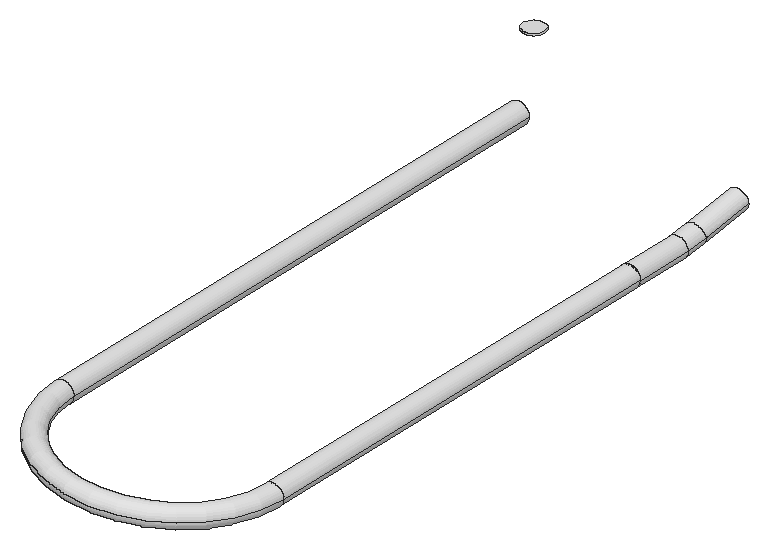
Revit family "Deca_Ducha higiênica com registro e derivação_Izy Plus_1984.24.ACT", category Plumbing Fixtures, host Face, Revit 2020
Family settings
  Host = Face
  Round Connector Dimension = Use Radius
  Part Type = Normal
  Cut with Voids When Loaded = No
  Shared = No
  Room Calculation Point = No
Parameters (values of type "1984.C24.ACT.BR_Branco")
  Vazão na Pressão mín. (L/min) = "4"
  Vazão na Pressão máx. (L/min) = "6"
  URL = "www.deca.com.br"
  Tipo de rosca de saída = ""
  Tipo de rosca de entrada = "BSP NBR 8133"
  Tipo de mecanismo utilizado = "MVC -1/4 volta"
  Tipo de dispositivo economizador = "Sim"
  Segmento = "Banheiro Médio (D42)"
  Saída de Esgoto = ""
  Raio Água Fria Saída = 0.0075 m  # constant formula
  Raio Água Fria = 0.0075 m  # constant formula
  Pressão mín. funcionamento = "2"
  Pressão mín. Aquec. Passagem = ""
  Pressão mín. Aquec. Acúmulo = ""
  Pressão máx. funcionamento = "40"
  Peso Líquido (Kg) = 0.684
  Norma = "NBR14877"
  Model = "1984.C24.ACT.BR"
  Material Secundário = Deca_Branco
  Material = Deca_Cromado
  Manufacturer = "DECA"
  Linha = "Izy Plus"
  Itens de Instalação = ""
  Informações Complementares = ""
  Default Elevation = 0.70 m
  Diâmetro Água Fria Saída = 2 * Raio Água Fria Saída  # 0.015 m
  Diâmetro Água Fria = 2 * Raio Água Fria  # 0.015 m
  Código Pai = "1984.24.ACT"
  Criado por = "quattroD"
  Cores Componente = ""
  Cor Secundária = "Branco"
  Cor Principal = "Cromado"
  Cor Interna = ""
  Consumo = "Otimização do jato de água"
  Composição Componente = ""
  Composição Básica = "Liga cobre (bronze e latão);Aço;Plástico de Engenharia;Elastômeros"
  Composição Assento = ""
  Composição Anel Vedação = ""
  Categoria = "Metais para banheiro"
  Atendimento ao Cliente = "0800-0117073"
  Aprovado por = "quattroD"
  Acompanha o Produto = ""
Reference planes (m)
  plane 1 "Center (Front/Back)": y = 0
  plane 2: z = 0
  plane 3 "Center (Left/Right)": x = 0
Forms (m)
  Sweep 1, solid, material "Deca_Cromado" <- "Material"
    path origin (-0.000012, -0.693563, 0.050428) x (0, -1, 0) y (0.996195, 0, -0.087156)
      loop
        line (-0.675563, 0.000001) -> (-0.134541, 0.000001)
        arc (-0.134541, 0.000001) -> (-0.034362, 0.10018) -> (-0.134541, 0.20036) r 0.100179
        line (-0.134541, 0.20036) -> (-0.558206, 0.20036)
    profile origin (-0.00001, -0.288511, 0.050428) x (0.996195, 0, -0.087156) y (0.087156, 0, 0.996195)
      loop
        circle (0, 0) r 0.01
  Sweep 2, solid, material "Deca_Cromado" <- "Material"
    path origin (0.303261, 0.091519, 1.215501) x (0, 1, 0) y (0.087156, 0, 0.996195)
      loop
        line (-0.227488, -1.187053) -> (-0.170394, -1.187053)
        arc (-0.170394, -1.187053) -> (-0.159761, -1.186496) -> (-0.149244, -1.18483) r 0.101728
        arc (-0.149244, -1.18483) -> (-0.124484, -1.180241) -> (-0.099519, -1.176955) r 0.480979
    profile origin (0.199802, -0.107422, 0.032965) x (0.087156, 0, 0.996195) y (0.996195, 0, -0.087156)
      loop
        spline (-0.000077, -0.010216) -> (0.002481, -0.009876) -> (0.004864, -0.008877) -> (0.00691, -0.007287) -> (0.008481, -0.005216) -> (0.009468, -0.002805) -> (0.009804, -0.000216) -> (0.009468, 0.002372) -> (0.008481, 0.004784) -> (0.00691, 0.006855) -> (0.004864, 0.008444) -> (0.002481, 0.009443) -> (-0.000077, 0.009784)
        spline (-0.000077, 0.009784) -> (-0.002634, 0.009443) -> (-0.005017, 0.008444) -> (-0.007064, 0.006855) -> (-0.008634, 0.004784) -> (-0.009621, 0.002372) -> (-0.009958, -0.000216) -> (-0.009621, -0.002805) -> (-0.008634, -0.005216) -> (-0.007064, -0.007287) -> (-0.005017, -0.008877) -> (-0.002634, -0.009876) -> (-0.000077, -0.010216)
  Extrusion 3, solid, material "Deca_Cromado" <- "Material"
    sketch origin (0, 0, 0.11564) x (0, -1, 0) y (1, 0, 0)
      loop
        circle (0.000042, 0.000003) r 0.010279
    from -0.001486 to 0
Lines and regions (m)
  Masking region 1
    outline origin (-1.329761, -0.906596, 0.027128) x (0, -1, 0) y (1, 0, 0)
      loop
        line (-0.866852, 1.322756) -> (-0.346268, 1.322756)
        arc (-0.346268, 1.322756) -> (-0.239282, 1.429742) -> (-0.346268, 1.536728) r 0.106986
        line (-0.346268, 1.536728) -> (-0.89859, 1.53673) -> (-0.89859, 1.546735) -> (-0.921226, 1.546735)
        arc (-0.921226, 1.546735) -> (-0.921808, 1.546548) -> (-0.922173, 1.546057) r 0.001
        arc (-0.922173, 1.546057) -> (-0.922781, 1.544144) -> (-0.923312, 1.542208) r 0.050752
        arc (-0.923312, 1.542208) -> (-0.92368, 1.542795) -> (-0.92422, 1.543229) r 0.002071
        line (-0.92422, 1.543229) -> (-0.958041, 1.541582) -> (-0.986034, 1.538272)
        arc (-0.986034, 1.538272) -> (-0.98829, 1.54047) -> (-0.991041, 1.542003) r 0.011964
        arc (-0.991041, 1.542003) -> (-0.992856, 1.54253) -> (-0.994738, 1.542707) r 0.010056
        line (-0.994738, 1.542707) -> (-1.007203, 1.542707)
        arc (-1.007203, 1.542707) -> (-1.01292, 1.541124) -> (-1.017477, 1.537324) r 0.014066
        arc (-1.017477, 1.537324) -> (-1.019818, 1.52983) -> (-1.017585, 1.522302) r 0.013479
        arc (-1.017585, 1.522302) -> (-1.012638, 1.518218) -> (-1.006392, 1.516755) r 0.014066
        line (-1.006392, 1.516755) -> (-0.994467, 1.516755)
        arc (-0.994467, 1.516755) -> (-0.992724, 1.516955) -> (-0.991041, 1.517455) r 0.010056
        arc (-0.991041, 1.517455) -> (-0.98829, 1.518989) -> (-0.986034, 1.521186) r 0.011964
        line (-0.986034, 1.521186) -> (-0.958041, 1.517877) -> (-0.924188, 1.516228)
        arc (-0.924188, 1.516228) -> (-0.923664, 1.516661) -> (-0.923308, 1.51724) r 0.002071
        arc (-0.923308, 1.51724) -> (-0.922778, 1.515313) -> (-0.922173, 1.513408) r 0.050752
        arc (-0.922173, 1.513408) -> (-0.921808, 1.512916) -> (-0.921226, 1.512729) r 0.001
        line (-0.921226, 1.512729) -> (-0.89859, 1.512729) -> (-0.89859, 1.522728) -> (-0.346268, 1.522728)
        arc (-0.346268, 1.522728) -> (-0.253293, 1.429753) -> (-0.346268, 1.336778) r 0.092975
        line (-0.346268, 1.336778) -> (-0.866884, 1.336778) -> (-0.867595, 1.337276) -> (-0.876496, 1.337276) -> (-0.876496, 1.322236) -> (-0.867595, 1.322236) -> (-0.866852, 1.322756)
  Masking region 2
    outline origin (-2.018205, -1.240865, 0) x (1, 0, 0) y (0, 1, 0)
      loop
        arc (2.007205, 1.268776) -> (1.993406, 1.257747) -> (1.988205, 1.240865) r 0.03
        arc (1.988205, 1.240865) -> (1.993139, 1.224382) -> (2.006319, 1.21332) r 0.03
        line (2.006319, 1.21332) -> (2.006296, 1.211765)
        arc (2.006296, 1.211765) -> (2.006589, 1.211058) -> (2.007296, 1.210765) r 0.001
        line (2.007296, 1.210765) -> (2.01068, 1.210765) -> (2.01068, 1.201864) -> (2.0112, 1.201121) -> (2.0112, 0.680537)
        arc (2.0112, 0.680537) -> (2.118186, 0.573551) -> (2.225173, 0.680537) r 0.106986
        line (2.225173, 0.680537) -> (2.225175, 1.232859) -> (2.23518, 1.232859) -> (2.23518, 1.255495)
        arc (2.23518, 1.255495) -> (2.234993, 1.256078) -> (2.234501, 1.256442) r 0.001
        arc (2.234501, 1.256442) -> (2.232588, 1.25705) -> (2.230653, 1.257582) r 0.050752
        arc (2.230653, 1.257582) -> (2.23124, 1.257949) -> (2.231673, 1.258489) r 0.002071
        line (2.231673, 1.258489) -> (2.230026, 1.29231) -> (2.226717, 1.320304)
        arc (2.226717, 1.320304) -> (2.228915, 1.32256) -> (2.230448, 1.325311) r 0.011964
        arc (2.230448, 1.325311) -> (2.230974, 1.327126) -> (2.231152, 1.329007) r 0.010056
        line (2.231152, 1.329007) -> (2.231152, 1.341472)
        arc (2.231152, 1.341472) -> (2.229569, 1.34719) -> (2.225769, 1.351746) r 0.014066
        arc (2.225769, 1.351746) -> (2.218177, 1.354088) -> (2.210585, 1.351746) r 0.013479
        arc (2.210585, 1.351746) -> (2.206598, 1.346819) -> (2.205179, 1.340641) r 0.014066
        line (2.205179, 1.340641) -> (2.205196, 1.329007)
        arc (2.205196, 1.329007) -> (2.205374, 1.327126) -> (2.2059, 1.325311) r 0.010056
        arc (2.2059, 1.325311) -> (2.207433, 1.32256) -> (2.209631, 1.320304) r 0.011964
        line (2.209631, 1.320304) -> (2.206321, 1.29231) -> (2.204673, 1.258457)
        arc (2.204673, 1.258457) -> (2.205106, 1.257933) -> (2.205685, 1.257578) r 0.002071
        arc (2.205685, 1.257578) -> (2.203757, 1.257048) -> (2.201852, 1.256442) r 0.050752
        arc (2.201852, 1.256442) -> (2.201361, 1.256078) -> (2.201174, 1.255495) r 0.001
        line (2.201174, 1.255495) -> (2.201174, 1.232859) -> (2.211173, 1.232859) -> (2.211173, 0.680537)
        arc (2.211173, 0.680537) -> (2.118198, 0.587563) -> (2.025223, 0.680537) r 0.092975
        line (2.025223, 0.680537) -> (2.025223, 1.201154) -> (2.02572, 1.201864) -> (2.02572, 1.210765) -> (2.029117, 1.210765)
        arc (2.029117, 1.210765) -> (2.029824, 1.211058) -> (2.030117, 1.211765) r 0.001
        line (2.030117, 1.211765) -> (2.030117, 1.213331)
        arc (2.030117, 1.213331) -> (2.048201, 1.241358) -> (2.029205, 1.268776) r 0.03
        line (2.029205, 1.268776) -> (2.029205, 1.271765) -> (2.024455, 1.271765) -> (2.024455, 1.289515)
        arc (2.024455, 1.289515) -> (2.024016, 1.290576) -> (2.022955, 1.291015) r 0.0015
        line (2.022955, 1.291015) -> (2.013455, 1.291015)
        arc (2.013455, 1.291015) -> (2.012395, 1.290576) -> (2.011955, 1.289515) r 0.0015
        line (2.011955, 1.289515) -> (2.011955, 1.271765) -> (2.007205, 1.271765) -> (2.007205, 1.268776)
  Masking region 3
    outline origin (1.490612, 0, -0.988868) x (-1, 0, 0) y (0, 0, 1)
      loop
        arc (1.496862, 1.138508) -> (1.490612, 1.144758) -> (1.484362, 1.138508) r 0.00625
        line (1.484362, 1.138508) -> (1.484362, 1.104508) -> (1.481862, 1.104508)
        arc (1.481862, 1.104508) -> (1.480802, 1.104068) -> (1.480362, 1.103008) r 0.0015
        line (1.480362, 1.103008) -> (1.480362, 1.091518)
        arc (1.480362, 1.091518) -> (1.479923, 1.090457) -> (1.478862, 1.090018) r 0.0015
        line (1.478862, 1.090018) -> (1.474156, 1.090018)
        arc (1.474156, 1.090018) -> (1.473459, 1.089723) -> (1.473186, 1.089018) r 0.00097
        line (1.473186, 1.089018) -> (1.473186, 1.081018)
        arc (1.473186, 1.081018) -> (1.47351, 1.080277) -> (1.474272, 1.080009) r 0.001011
        arc (1.474272, 1.080009) -> (1.475432, 1.079632) -> (1.475927, 1.078518) r 0.0015
        line (1.475927, 1.078518) -> (1.475927, 1.048093)
        arc (1.475927, 1.048093) -> (1.391798, 1.040423) -> (1.307639, 1.033094) r 20.819803
        arc (1.307639, 1.033094) -> (1.30666, 1.038629) -> (1.303842, 1.043492) r 0.016139
        line (1.303842, 1.043492) -> (1.303639, 1.04448) -> (1.303441, 1.045438) -> (1.302855, 1.046368) -> (1.301897, 1.04724) -> (1.300598, 1.048028) -> (1.298639, 1.04886) -> (1.298639, 1.06848)
        arc (1.298639, 1.06848) -> (1.297955, 1.070938) -> (1.295639, 1.072009) r 0.00304
        line (1.295639, 1.072009) -> (1.285639, 1.072009)
        arc (1.285639, 1.072009) -> (1.28367, 1.071285) -> (1.282639, 1.069458) r 0.00304
        line (1.282639, 1.069458) -> (1.282639, 1.048808) -> (1.281442, 1.048381) -> (1.279986, 1.047644) -> (1.278854, 1.04681) -> (1.27808, 1.045906) -> (1.277639, 1.04484) -> (1.277418, 1.043409)
        arc (1.277418, 1.043409) -> (1.274613, 1.038587) -> (1.273639, 1.033094) r 0.015966
        line (1.273639, 1.033094) -> (1.273639, 0.988868) -> (1.307639, 0.988868) -> (1.307639, 1.013188)
        arc (1.307639, 1.013188) -> (1.3918, 1.020351) -> (1.475927, 1.02791) r 17.944347
        line (1.475927, 1.02791) -> (1.475927, 1.003018)
        arc (1.475927, 1.003018) -> (1.474658, 1.001767) -> (1.474321, 1.000018) r 0.003
        line (1.474321, 1.000018) -> (1.473314, 0.99901) -> (1.461358, 0.992108)
        arc (1.461358, 0.992108) -> (1.460815, 0.991628) -> (1.460612, 0.990932) r 0.0013
        line (1.460612, 0.990932) -> (1.460612, 0.988868) -> (1.520612, 0.988868) -> (1.520612, 0.990932)
        arc (1.520612, 0.990932) -> (1.52041, 0.991628) -> (1.519867, 0.992108) r 0.0013
        line (1.519867, 0.992108) -> (1.507911, 0.99901) -> (1.506904, 1.000018)
        arc (1.506904, 1.000018) -> (1.506567, 1.001767) -> (1.505297, 1.003018) r 0.003
        line (1.505297, 1.003018) -> (1.505297, 1.078518)
        arc (1.505297, 1.078518) -> (1.505789, 1.079632) -> (1.506943, 1.080022) r 0.001511
        arc (1.506943, 1.080022) -> (1.507711, 1.080277) -> (1.508039, 1.081018) r 0.001
        line (1.508039, 1.081018) -> (1.508039, 1.089018)
        arc (1.508039, 1.089018) -> (1.507766, 1.089723) -> (1.507069, 1.090018) r 0.00097
        line (1.507069, 1.090018) -> (1.502362, 1.090018)
        arc (1.502362, 1.090018) -> (1.501302, 1.090457) -> (1.500862, 1.091518) r 0.0015
        line (1.500862, 1.091518) -> (1.500862, 1.103008)
        arc (1.500862, 1.103008) -> (1.500423, 1.104068) -> (1.499362, 1.104508) r 0.0015
        line (1.499362, 1.104508) -> (1.496862, 1.104508) -> (1.496862, 1.138508)
  Masking region 4
    outline origin (0, 0.889898, -0.931399) x (0, 1, 0) y (0, 0, 1)
      loop
        line (-0.896148, 1.047039) -> (-0.898648, 1.047039)
        arc (-0.898648, 1.047039) -> (-0.899708, 1.046599) -> (-0.900148, 1.045539) r 0.0015
        line (-0.900148, 1.045539) -> (-0.900148, 1.034049)
        arc (-0.900148, 1.034049) -> (-0.900587, 1.032988) -> (-0.901648, 1.032549) r 0.0015
        line (-0.901648, 1.032549) -> (-0.904478, 1.032549)
        arc (-0.904478, 1.032549) -> (-0.905185, 1.032256) -> (-0.905478, 1.031549) r 0.001
        line (-0.905478, 1.031549) -> (-0.905478, 1.023549)
        arc (-0.905478, 1.023549) -> (-0.905338, 1.022879) -> (-0.904942, 1.02232) r 0.001674
        arc (-0.904942, 1.02232) -> (-0.904675, 1.021872) -> (-0.904583, 1.021359) r 0.001467
        line (-0.904583, 1.021359) -> (-0.904583, 0.99912)
        arc (-0.904583, 0.99912) -> (-0.905511, 0.996302) -> (-0.907898, 0.994539) r 0.00489
        line (-0.907898, 0.994539) -> (-0.907898, 0.992354) -> (-0.909998, 0.991217) -> (-0.909998, 0.992024)
        arc (-0.909998, 0.992024) -> (-0.910295, 0.992741) -> (-0.911013, 0.993039) r 0.001015
        line (-0.911013, 0.993039) -> (-0.918982, 0.993039)
        arc (-0.918982, 0.993039) -> (-0.9197, 0.992741) -> (-0.919998, 0.992024) r 0.001015
        line (-0.919998, 0.992024) -> (-0.919998, 0.988899) -> (-1.459134, 0.988899)
        arc (-1.459134, 0.988899) -> (-1.494779, 0.987965) -> (-1.530326, 0.985168) r 0.681084
        arc (-1.530326, 0.985168) -> (-1.543124, 0.982447) -> (-1.555077, 0.977126) r 0.062585
        arc (-1.555077, 0.977126) -> (-1.55856, 0.969657) -> (-1.552733, 0.963829) r 0.007184
        arc (-1.552733, 0.963829) -> (-1.527922, 0.960342) -> (-1.502929, 0.958595) r 0.35895
        line (-1.502929, 0.958595) -> (-0.967929, 0.958595) -> (-0.904798, 0.966346)
        arc (-0.904798, 0.966346) -> (-0.90464, 0.96566) -> (-0.904583, 0.964958) r 0.00489
        line (-0.904583, 0.964958) -> (-0.904583, 0.945549)
        arc (-0.904583, 0.945549) -> (-0.905851, 0.944296) -> (-0.906208, 0.942549) r 0.003066
        line (-0.906208, 0.942549) -> (-0.906208, 0.941639) -> (-0.907028, 0.941639) -> (-0.919152, 0.934639)
        arc (-0.919152, 0.934639) -> (-0.919695, 0.934159) -> (-0.919898, 0.933463) r 0.0013
        line (-0.919898, 0.933463) -> (-0.919898, 0.931399) -> (-0.859898, 0.931399) -> (-0.859898, 0.933463)
        arc (-0.859898, 0.933463) -> (-0.8601, 0.934159) -> (-0.860643, 0.934639) r 0.0013
        line (-0.860643, 0.934639) -> (-0.871618, 0.940975) -> (-0.871618, 0.966036) -> (-0.83643, 0.973995) -> (-0.813105, 0.980966) -> (-0.802183, 0.95768) -> (-0.8006, 0.956766) -> (-0.801706, 0.956247) -> (-0.798784, 0.952094) -> (-0.776522, 0.962536) -> (-0.777847, 0.967437) -> (-0.778963, 0.966913) -> (-0.778644, 0.96872) -> (-0.785772, 0.983919)
        arc (-0.785772, 0.983919) -> (-0.78579, 0.984302) -> (-0.785532, 0.984585) r 0.0005
        line (-0.785532, 0.984585) -> (-0.782912, 0.985811)
        arc (-0.782912, 0.985811) -> (-0.782654, 0.986093) -> (-0.782672, 0.986475) r 0.0005
        line (-0.782672, 0.986475) -> (-0.786025, 0.993639)
        arc (-0.786025, 0.993639) -> (-0.786322, 0.993971) -> (-0.786767, 0.993939) r 0.000506
        line (-0.786767, 0.993939) -> (-0.789348, 0.992735)
        arc (-0.789348, 0.992735) -> (-0.79251, 1.000222) -> (-0.797123, 1.006912) r 0.0399
        arc (-0.797123, 1.006912) -> (-0.797884, 1.007551) -> (-0.798811, 1.007907) r 0.003
        arc (-0.798811, 1.007907) -> (-0.803417, 1.008811) -> (-0.808034, 1.009662) r 0.400338
        arc (-0.808034, 1.009662) -> (-0.8268, 1.012548) -> (-0.845682, 1.01454) r 0.4
        line (-0.845682, 1.01454) -> (-0.846331, 1.012314)
        arc (-0.846331, 1.012314) -> (-0.846201, 1.011158) -> (-0.845282, 1.010443) r 0.0015
        line (-0.845282, 1.010443) -> (-0.843039, 1.009823)
        arc (-0.843039, 1.009823) -> (-0.832599, 1.006751) -> (-0.822247, 1.003396) r 0.4
        arc (-0.822247, 1.003396) -> (-0.817828, 1.001494) -> (-0.813766, 0.998917) r 0.03032
        line (-0.813766, 0.998917) -> (-0.840547, 0.997344) -> (-0.871898, 0.993353) -> (-0.871898, 0.994539)
        arc (-0.871898, 0.994539) -> (-0.874284, 0.996302) -> (-0.875213, 0.99912) r 0.00489
        line (-0.875213, 0.99912) -> (-0.875213, 1.021359)
        arc (-0.875213, 1.021359) -> (-0.87512, 1.021872) -> (-0.874853, 1.02232) r 0.001467
        arc (-0.874853, 1.02232) -> (-0.874457, 1.022879) -> (-0.874317, 1.023549) r 0.001674
        line (-0.874317, 1.023549) -> (-0.874318, 1.031507)
        arc (-0.874318, 1.031507) -> (-0.874595, 1.032241) -> (-0.875317, 1.032549) r 0.001
        line (-0.875317, 1.032549) -> (-0.878148, 1.032549)
        arc (-0.878148, 1.032549) -> (-0.879208, 1.032988) -> (-0.879648, 1.034049) r 0.0015
        line (-0.879648, 1.034049) -> (-0.879648, 1.045539)
        arc (-0.879648, 1.045539) -> (-0.880087, 1.046599) -> (-0.881148, 1.047039) r 0.0015
        line (-0.881148, 1.047039) -> (-0.883648, 1.047039) -> (-0.883648, 1.071789)
        arc (-0.883648, 1.071789) -> (-0.882769, 1.07391) -> (-0.880648, 1.074789) r 0.003
        line (-0.880648, 1.074789) -> (-0.841248, 1.074789)
        arc (-0.841248, 1.074789) -> (-0.840187, 1.075228) -> (-0.839748, 1.076289) r 0.0015
        line (-0.839748, 1.076289) -> (-0.839748, 1.085789)
        arc (-0.839748, 1.085789) -> (-0.840187, 1.086849) -> (-0.841248, 1.087289) r 0.0015
        line (-0.841248, 1.087289) -> (-0.893148, 1.087289)
        arc (-0.893148, 1.087289) -> (-0.895269, 1.08641) -> (-0.896148, 1.084289) r 0.003
        line (-0.896148, 1.084289) -> (-0.896148, 1.047039)
  symbolic lines
    curve 1: line (0.213468, 0.017624, 0.027128) -> (0.211821, 0.051445, 0.027128)
    curve 2: line (0.188116, 0.051445, 0.027128) -> (0.186468, 0.017592, 0.027128)
    curve 3: line (0.191969, 0.084029, 0.027128) -> (0.188116, 0.051445, 0.027128)
    curve 4: line (0.211821, 0.051445, 0.027128) -> (0.207969, 0.084029, 0.027128)
    curve 5: line (0.207969, 0.081332, 0.027128) -> (0.207969, 0.047257, 0.027128)
    curve 6: line (0.207969, 0.047257, 0.027128) -> (0.207891, 0.045486, 0.027128)
    curve 7: line (0.207891, 0.045486, 0.027128) -> (0.207792, 0.044609, 0.027128)
    curve 8: line (0.207792, 0.044609, 0.027128) -> (0.207649, 0.043737, 0.027128)
    curve 9: line (0.191969, 0.046236, 0.027128) -> (0.191969, 0.081332, 0.027128)
    curve 10: line (0.194969, 0.081858, 0.027128) -> (0.194969, 0.043939, 0.027128)
    curve 11: line (0.204969, 0.04394, 0.027128) -> (0.204969, 0.081858, 0.027128)
    curve 12: line (0.193025, 0.087281, 0.027128) -> (0.192678, 0.086312, 0.027128)
    curve 13: line (0.192678, 0.086312, 0.027128) -> (0.192405, 0.085317, 0.027128)
    curve 14: line (0.192405, 0.085317, 0.027128) -> (0.192203, 0.084306, 0.027128)
    curve 15: line (0.192203, 0.084306, 0.027128) -> (0.192025, 0.082824, 0.027128)
    curve 16: line (0.191969, 0.082824, 0.027128) -> (0.191969, 0.093206, 0.027128)
    curve 17: line (0.207969, 0.093206, 0.027128) -> (0.207969, 0.081332, 0.027128)
    curve 18: line (0.207969, 0.081332, 0.027128) -> (0.207969, 0.046071, 0.027128)
    curve 19: line (0.207969, 0.047257, 0.027128) -> (0.207891, 0.045486, 0.027128)
    curve 20: line (0.207891, 0.045486, 0.027128) -> (0.207792, 0.044609, 0.027128)
    curve 21: line (0.207792, 0.044609, 0.027128) -> (0.207649, 0.043737, 0.027128)
    curve 22: arc (0.207969, 0.093206, 0.027128) -> (0.205454, 0.098495, 0.027128) -> (0.199969, 0.100543, 0.027128) r 0.007801
    curve 23: arc (0.191969, 0.093206, 0.027128) -> (0.194483, 0.098495, 0.027128) -> (0.199969, 0.100543, 0.027128) r 0.007801
    curve 24: line (0.199969, 0.100543, 0.027128) -> (0.199969, 0.09108, 0.027128)
    curve 25: arc (0.199969, 0.092769, 0.027128) -> (0.198339, 0.09257, 0.027128) -> (0.196829, 0.091927, 0.027128) r 0.005871
    curve 26: arc (0.196829, 0.091927, 0.027128) -> (0.194525, 0.089933, 0.027128) -> (0.193025, 0.087281, 0.027128) r 0.008943
    curve 27: arc (0.199969, 0.092769, 0.027128) -> (0.201598, 0.09257, 0.027128) -> (0.203109, 0.091927, 0.027128) r 0.005871
    curve 28: arc (0.203109, 0.091927, 0.027128) -> (0.205412, 0.089933, 0.027128) -> (0.206913, 0.087281, 0.027128) r 0.008943
    curve 29: line (0.206913, 0.087281, 0.027128) -> (0.20726, 0.086312, 0.027128)
    curve 30: line (0.20726, 0.086312, 0.027128) -> (0.207532, 0.085317, 0.027128)
    curve 31: line (0.207532, 0.085317, 0.027128) -> (0.207734, 0.084306, 0.027128)
    curve 32: line (0.207734, 0.084306, 0.027128) -> (0.207913, 0.082824, 0.027128)
    curve 33: arc (0.199969, 0.09108, 0.027128) -> (0.198519, 0.090735, 0.027128) -> (0.197322, 0.089846, 0.027128) r 0.003706
    curve 34: arc (0.197322, 0.089846, 0.027128) -> (0.196138, 0.088116, 0.027128) -> (0.195434, 0.08614, 0.027128) r 0.008141
    curve 35: arc (0.195434, 0.08614, 0.027128) -> (0.195085, 0.084012, 0.027128) -> (0.194969, 0.081858, 0.027128) r 0.01994
    curve 36: arc (0.199969, 0.09108, 0.027128) -> (0.201419, 0.090735, 0.027128) -> (0.202615, 0.089846, 0.027128) r 0.003706
    curve 37: arc (0.202615, 0.089846, 0.027128) -> (0.2038, 0.088116, 0.027128) -> (0.204503, 0.08614, 0.027128) r 0.008141
    curve 38: arc (0.204503, 0.08614, 0.027128) -> (0.204852, 0.084012, 0.027128) -> (0.204969, 0.081858, 0.027128) r 0.01994
    curve 39: arc (0.194969, 0.081858, 0.027128) -> (0.19344, 0.08176, 0.027128) -> (0.191969, 0.081332, 0.027128) r 0.006996
    curve 40: arc (0.204969, 0.081858, 0.027128) -> (0.206498, 0.08176, 0.027128) -> (0.207969, 0.081332, 0.027128) r 0.006996
    curve 41: arc (0.19577, 0.099451, 0.027128) -> (0.192308, 0.097832, 0.027128) -> (0.18951, 0.095229, 0.027128) r 0.01231
    curve 42: arc (0.18951, 0.095229, 0.027128) -> (0.187918, 0.092534, 0.027128) -> (0.187085, 0.089517, 0.027128) r 0.011879
    curve 43: arc (0.187085, 0.089517, 0.027128) -> (0.187063, 0.086942, 0.027128) -> (0.187695, 0.084445, 0.027128) r 0.010056
    curve 44: arc (0.187695, 0.084445, 0.027128) -> (0.189228, 0.081694, 0.027128) -> (0.191426, 0.079439, 0.027128) r 0.011964
    curve 45: arc (0.204168, 0.099451, 0.027128) -> (0.207629, 0.097832, 0.027128) -> (0.210428, 0.095229, 0.027128) r 0.01231
    curve 46: arc (0.210428, 0.095229, 0.027128) -> (0.212019, 0.092534, 0.027128) -> (0.212852, 0.089517, 0.027128) r 0.011879
    curve 47: arc (0.212852, 0.089517, 0.027128) -> (0.212875, 0.086942, 0.027128) -> (0.212243, 0.084445, 0.027128) r 0.010056
    curve 48: arc (0.212243, 0.084445, 0.027128) -> (0.210709, 0.081694, 0.027128) -> (0.208512, 0.079439, 0.027128) r 0.011964
    curve 49: arc (0.199969, 0.111248, 0.027128) -> (0.195653, 0.110526, 0.027128) -> (0.191737, 0.108573, 0.027128) r 0.014792
    curve 50: arc (0.191737, 0.108573, 0.027128) -> (0.188322, 0.104746, 0.027128) -> (0.186974, 0.099797, 0.027128) r 0.011191
    curve 51: arc (0.199969, 0.111248, 0.027128) -> (0.204285, 0.110526, 0.027128) -> (0.2082, 0.108573, 0.027128) r 0.014792
    curve 52: arc (0.2082, 0.108573, 0.027128) -> (0.211532, 0.104897, 0.027128) -> (0.212947, 0.100142, 0.027128) r 0.011191
    curve 53: arc (0.192969, 0.006249, 0.027128) -> (0.199972, 0.005827, 0.027128) -> (0.206975, 0.00625, 0.027128) r 0.05825
    curve 54: arc (0.192969, 0.004565, 0.027128) -> (0.199972, 0.004127, 0.027128) -> (0.206975, 0.004565, 0.027128) r 0.056151
    curve 55: line (0.192969, 0.013754, 0.027128) -> (0.192969, -0.008006, 0.027128)
    curve 56: line (0.192969, -0.008006, 0.027128) -> (0.182969, -0.008006, 0.027128)
    curve 57: line (0.182969, -0.008006, 0.027128) -> (0.182969, 0.01463, 0.027128)
    curve 58: arc (0.192969, 0.013754, 0.027128) -> (0.192725, 0.014408, 0.027128) -> (0.192113, 0.014744, 0.027128) r 0.001
    curve 59: arc (0.187482, 0.016713, 0.027128) -> (0.185553, 0.016183, 0.027128) -> (0.183647, 0.015577, 0.027128) r 0.050752
    curve 60: arc (0.182969, 0.01463, 0.027128) -> (0.183156, 0.015213, 0.027128) -> (0.183647, 0.015577, 0.027128) r 0.001
    curve 61: arc (0.192113, 0.014744, 0.027128) -> (0.190188, 0.015123, 0.027128) -> (0.18831, 0.015692, 0.027128) r 0.019731
    curve 62: arc (0.18831, 0.015692, 0.027128) -> (0.187792, 0.016118, 0.027128) -> (0.187482, 0.016713, 0.027128) r 0.001681
    curve 63: line (0.206975, 0.013754, 0.027128) -> (0.206975, -0.008006, 0.027128)
    curve 64: line (0.206975, -0.008006, 0.027128) -> (0.216975, -0.008006, 0.027128)
    curve 65: line (0.216975, -0.008006, 0.027128) -> (0.216975, 0.01463, 0.027128)
    curve 66: arc (0.206975, 0.013754, 0.027128) -> (0.207218, 0.014408, 0.027128) -> (0.20783, 0.014744, 0.027128) r 0.001
    curve 67: arc (0.212461, 0.016713, 0.027128) -> (0.21439, 0.016183, 0.027128) -> (0.216296, 0.015577, 0.027128) r 0.050752
    curve 68: arc (0.216975, 0.01463, 0.027128) -> (0.216788, 0.015213, 0.027128) -> (0.216296, 0.015577, 0.027128) r 0.001
    curve 69: arc (0.20783, 0.014744, 0.027128) -> (0.209756, 0.015123, 0.027128) -> (0.211633, 0.015692, 0.027128) r 0.019731
    curve 70: arc (0.211633, 0.015692, 0.027128) -> (0.212151, 0.016118, 0.027128) -> (0.212461, 0.016713, 0.027128) r 0.001681
    curve 71: line (0.192131, 0.043542, 0.027128) -> (0.207811, 0.043542, 0.027128)
    curve 72: arc (0.192131, 0.043542, 0.027128) -> (0.192026, 0.044887, 0.027128) -> (0.191969, 0.046236, 0.027128) r 0.038017
    curve 73: arc (0.207811, 0.043542, 0.027128) -> (0.207911, 0.044805, 0.027128) -> (0.207969, 0.046071, 0.027128) r 0.038017
    curve 74: arc (0.213468, 0.017624, 0.027128) -> (0.212934, 0.017, 0.027128) -> (0.212199, 0.016632, 0.027128) r 0.002071
    curve 75: arc (0.212199, 0.016632, 0.027128) -> (0.199959, 0.015265, 0.027128) -> (0.187719, 0.016632, 0.027128) r 0.055458
    curve 76: arc (0.186468, 0.017592, 0.027128) -> (0.186998, 0.016988, 0.027128) -> (0.187719, 0.016632, 0.027128) r 0.002071
    curve 77: arc (0.191969, 0.049884, 0.027128) -> (0.190351, 0.050181, 0.027128) -> (0.188795, 0.050715, 0.027128) r 0.011039
    curve 78: arc (0.188795, 0.050715, 0.027128) -> (0.188376, 0.050999, 0.027128) -> (0.188092, 0.051419, 0.027128) r 0.001341
    curve 79: arc (0.207969, 0.049883, 0.027128) -> (0.209589, 0.05018, 0.027128) -> (0.211147, 0.050715, 0.027128) r 0.011039
    curve 80: arc (0.211147, 0.050715, 0.027128) -> (0.211566, 0.050999, 0.027128) -> (0.21185, 0.051419, 0.027128) r 0.001341
    curve 81: arc (0.192131, 0.043542, 0.027128) -> (0.199971, 0.04421, 0.027128) -> (0.207811, 0.043542, 0.027128) r 0.046313
    curve 82: line (-0.010005, -0.039306, 0.027128) -> (0.009995, -0.039306, 0.027128)
    curve 83: line (-0.007005, -0.039001, 0.027128) -> (-0.007005, -0.560328, 0.027128)
    curve 84: line (0.007018, -0.039001, 0.027128) -> (0.007018, -0.560328, 0.027128)
    curve 85: line (-0.010005, -0.046806, 0.027128) -> (0.009995, -0.046806, 0.027128)
    curve 86: line (-0.010005, -0.054306, 0.027128) -> (0.009995, -0.054306, 0.027128)
    curve 87: line (-0.010005, -0.061806, 0.027128) -> (0.009995, -0.061806, 0.027128)
    curve 88: line (-0.010005, -0.069306, 0.027128) -> (0.009995, -0.069306, 0.027128)
    curve 89: line (-0.010005, -0.076806, 0.027128) -> (0.009995, -0.076806, 0.027128)
    curve 90: line (-0.010005, -0.084306, 0.027128) -> (0.009995, -0.084306, 0.027128)
    curve 91: line (-0.010005, -0.091806, 0.027128) -> (0.009995, -0.091806, 0.027128)
    curve 92: line (-0.010005, -0.099306, 0.027128) -> (0.009995, -0.099306, 0.027128)
    curve 93: line (-0.010005, -0.106806, 0.027128) -> (0.009995, -0.106806, 0.027128)
    curve 94: line (-0.010005, -0.114306, 0.027128) -> (0.009995, -0.114306, 0.027128)
    curve 95: line (-0.010005, -0.121806, 0.027128) -> (0.009995, -0.121806, 0.027128)
    curve 96: line (-0.010005, -0.129306, 0.027128) -> (0.009995, -0.129306, 0.027128)
    curve 97: line (-0.010005, -0.136806, 0.027128) -> (0.009995, -0.136806, 0.027128)
    curve 98: line (-0.010005, -0.144306, 0.027128) -> (0.009995, -0.144306, 0.027128)
    curve 99: line (-0.010005, -0.151806, 0.027128) -> (0.009995, -0.151806, 0.027128)
    curve 100: line (-0.010005, -0.159306, 0.027128) -> (0.009995, -0.159306, 0.027128)
    curve 101: line (-0.010005, -0.166806, 0.027128) -> (0.009995, -0.166806, 0.027128)
    curve 102: line (-0.010005, -0.174306, 0.027128) -> (0.009995, -0.174306, 0.027128)
    curve 103: line (-0.010005, -0.181806, 0.027128) -> (0.009995, -0.181806, 0.027128)
    curve 104: line (-0.010005, -0.189306, 0.027128) -> (0.009995, -0.189306, 0.027128)
    curve 105: line (-0.010005, -0.196806, 0.027128) -> (0.009995, -0.196806, 0.027128)
    curve 106: line (-0.010005, -0.204306, 0.027128) -> (0.009995, -0.204306, 0.027128)
    curve 107: line (-0.010005, -0.211806, 0.027128) -> (0.009995, -0.211806, 0.027128)
    curve 108: line (-0.010005, -0.219306, 0.027128) -> (0.009995, -0.219306, 0.027128)
    curve 109: line (-0.010005, -0.226806, 0.027128) -> (0.009995, -0.226806, 0.027128)
    curve 110: line (-0.010005, -0.234306, 0.027128) -> (0.009995, -0.234306, 0.027128)
    curve 111: line (-0.010005, -0.241806, 0.027128) -> (0.009995, -0.241806, 0.027128)
    curve 112: line (-0.010005, -0.249306, 0.027128) -> (0.009995, -0.249306, 0.027128)
    curve 113: line (-0.010005, -0.256806, 0.027128) -> (0.009995, -0.256806, 0.027128)
    curve 114: line (-0.010005, -0.264306, 0.027128) -> (0.009995, -0.264306, 0.027128)
    curve 115: line (-0.010005, -0.271806, 0.027128) -> (0.009995, -0.271806, 0.027128)
    curve 116: line (-0.010005, -0.279306, 0.027128) -> (0.009995, -0.279306, 0.027128)
    curve 117: line (-0.010005, -0.286806, 0.027128) -> (0.009995, -0.286806, 0.027128)
    curve 118: line (-0.010005, -0.294306, 0.027128) -> (0.009995, -0.294306, 0.027128)
    curve 119: line (-0.010005, -0.301806, 0.027128) -> (0.009995, -0.301806, 0.027128)
    curve 120: line (-0.010005, -0.309306, 0.027128) -> (0.009995, -0.309306, 0.027128)
    curve 121: line (-0.010005, -0.316806, 0.027128) -> (0.009995, -0.316806, 0.027128)
    curve 122: line (-0.010005, -0.324306, 0.027128) -> (0.009995, -0.324306, 0.027128)
    curve 123: line (-0.010005, -0.331806, 0.027128) -> (0.009995, -0.331806, 0.027128)
    curve 124: line (-0.010005, -0.339306, 0.027128) -> (0.009995, -0.339306, 0.027128)
    curve 125: line (-0.010005, -0.346806, 0.027128) -> (0.009995, -0.346806, 0.027128)
    curve 126: line (-0.010005, -0.354306, 0.027128) -> (0.009995, -0.354306, 0.027128)
    curve 127: line (-0.010005, -0.361806, 0.027128) -> (0.009995, -0.361806, 0.027128)
    curve 128: line (-0.010005, -0.369306, 0.027128) -> (0.009995, -0.369306, 0.027128)
    curve 129: line (-0.010005, -0.376806, 0.027128) -> (0.009995, -0.376806, 0.027128)
    curve 130: line (-0.010005, -0.384306, 0.027128) -> (0.009995, -0.384306, 0.027128)
    curve 131: line (-0.010005, -0.391806, 0.027128) -> (0.009995, -0.391806, 0.027128)
    curve 132: line (-0.010005, -0.399306, 0.027128) -> (0.009995, -0.399306, 0.027128)
    curve 133: line (-0.010005, -0.406806, 0.027128) -> (0.009995, -0.406806, 0.027128)
    curve 134: line (-0.010005, -0.414306, 0.027128) -> (0.009995, -0.414306, 0.027128)
    curve 135: line (-0.010005, -0.421806, 0.027128) -> (0.009995, -0.421806, 0.027128)
    curve 136: line (-0.010005, -0.429306, 0.027128) -> (0.009995, -0.429306, 0.027128)
    curve 137: line (-0.010005, -0.436806, 0.027128) -> (0.009995, -0.436806, 0.027128)
    curve 138: line (-0.010005, -0.444306, 0.027128) -> (0.009995, -0.444306, 0.027128)
    curve 139: line (-0.010005, -0.451806, 0.027128) -> (0.009995, -0.451806, 0.027128)
    curve 140: line (-0.010005, -0.459306, 0.027128) -> (0.009995, -0.459306, 0.027128)
    curve 141: line (-0.010005, -0.466806, 0.027128) -> (0.009995, -0.466806, 0.027128)
    curve 142: line (-0.010005, -0.474306, 0.027128) -> (0.009995, -0.474306, 0.027128)
    curve 143: line (-0.010005, -0.481806, 0.027128) -> (0.009995, -0.481806, 0.027128)
    curve 144: line (-0.010005, -0.489306, 0.027128) -> (0.009995, -0.489306, 0.027128)
    curve 145: line (-0.010005, -0.496806, 0.027128) -> (0.009995, -0.496806, 0.027128)
    curve 146: line (-0.010005, -0.504306, 0.027128) -> (0.009995, -0.504306, 0.027128)
    curve 147: line (-0.010005, -0.511806, 0.027128) -> (0.009995, -0.511806, 0.027128)
    curve 148: line (-0.010005, -0.519306, 0.027128) -> (0.009995, -0.519306, 0.027128)
    curve 149: line (-0.010005, -0.526806, 0.027128) -> (0.009995, -0.526806, 0.027128)
    curve 150: line (-0.010005, -0.534306, 0.027128) -> (0.009995, -0.534306, 0.027128)
    curve 151: line (-0.010005, -0.541806, 0.027128) -> (0.009995, -0.541806, 0.027128)
    curve 152: line (-0.010005, -0.549306, 0.027128) -> (0.009995, -0.549306, 0.027128)
    curve 153: line (-0.010005, -0.556806, 0.027128) -> (0.009995, -0.556806, 0.027128)
    curve 154: line (-0.010005, -0.564306, 0.027128) -> (0.009995, -0.564306, 0.027128)
    curve 155: line (0.189969, -0.036484, 0.027128) -> (0.209969, -0.036484, 0.027128)
    curve 156: line (0.189969, -0.043984, 0.027128) -> (0.209969, -0.043984, 0.027128)
    curve 157: line (0.189969, -0.051484, 0.027128) -> (0.209969, -0.051484, 0.027128)
    curve 158: line (0.189969, -0.058984, 0.027128) -> (0.209969, -0.058984, 0.027128)
    curve 159: line (0.189969, -0.066484, 0.027128) -> (0.209969, -0.066484, 0.027128)
    curve 160: line (0.189969, -0.073984, 0.027128) -> (0.209969, -0.073984, 0.027128)
    curve 161: line (0.189969, -0.081484, 0.027128) -> (0.209969, -0.081484, 0.027128)
    curve 162: line (0.189969, -0.088984, 0.027128) -> (0.209969, -0.088984, 0.027128)
    curve 163: line (0.189969, -0.096484, 0.027128) -> (0.209969, -0.096484, 0.027128)
    curve 164: line (0.189969, -0.103984, 0.027128) -> (0.209969, -0.103984, 0.027128)
    curve 165: line (0.189969, -0.111484, 0.027128) -> (0.209969, -0.111484, 0.027128)
    curve 166: line (0.189969, -0.118984, 0.027128) -> (0.209969, -0.118984, 0.027128)
    curve 167: line (0.189969, -0.126484, 0.027128) -> (0.209969, -0.126484, 0.027128)
    curve 168: line (0.189969, -0.133984, 0.027128) -> (0.209969, -0.133984, 0.027128)
    curve 169: line (0.189969, -0.141484, 0.027128) -> (0.209969, -0.141484, 0.027128)
    curve 170: line (0.189969, -0.148984, 0.027128) -> (0.209969, -0.148984, 0.027128)
    curve 171: line (0.189969, -0.156484, 0.027128) -> (0.209969, -0.156484, 0.027128)
    curve 172: line (0.189969, -0.163984, 0.027128) -> (0.209969, -0.163984, 0.027128)
    curve 173: line (0.189969, -0.171484, 0.027128) -> (0.209969, -0.171484, 0.027128)
    curve 174: line (0.189969, -0.178984, 0.027128) -> (0.209969, -0.178984, 0.027128)
    curve 175: line (0.189969, -0.186484, 0.027128) -> (0.209969, -0.186484, 0.027128)
    curve 176: line (0.189969, -0.193984, 0.027128) -> (0.209969, -0.193984, 0.027128)
    curve 177: line (0.189969, -0.201484, 0.027128) -> (0.209969, -0.201484, 0.027128)
    curve 178: line (0.189969, -0.208984, 0.027128) -> (0.209969, -0.208984, 0.027128)
    curve 179: line (0.189969, -0.216484, 0.027128) -> (0.209969, -0.216484, 0.027128)
    curve 180: line (0.189969, -0.223984, 0.027128) -> (0.209969, -0.223984, 0.027128)
    curve 181: line (0.189969, -0.231484, 0.027128) -> (0.209969, -0.231484, 0.027128)
    curve 182: line (0.189969, -0.238984, 0.027128) -> (0.209969, -0.238984, 0.027128)
    curve 183: line (0.189969, -0.246484, 0.027128) -> (0.209969, -0.246484, 0.027128)
    curve 184: line (0.189969, -0.253984, 0.027128) -> (0.209969, -0.253984, 0.027128)
    curve 185: line (0.189969, -0.261484, 0.027128) -> (0.209969, -0.261484, 0.027128)
    curve 186: line (0.189969, -0.268984, 0.027128) -> (0.209969, -0.268984, 0.027128)
    curve 187: line (0.189969, -0.276484, 0.027128) -> (0.209969, -0.276484, 0.027128)
    curve 188: line (0.189969, -0.283984, 0.027128) -> (0.209969, -0.283984, 0.027128)
    curve 189: line (0.189969, -0.291484, 0.027128) -> (0.209969, -0.291484, 0.027128)
    curve 190: line (0.189969, -0.298984, 0.027128) -> (0.209969, -0.298984, 0.027128)
    curve 191: line (0.189969, -0.306484, 0.027128) -> (0.209969, -0.306484, 0.027128)
    curve 192: line (0.189969, -0.313984, 0.027128) -> (0.209969, -0.313984, 0.027128)
    curve 193: line (0.189969, -0.321484, 0.027128) -> (0.209969, -0.321484, 0.027128)
    curve 194: line (0.189969, -0.328984, 0.027128) -> (0.209969, -0.328984, 0.027128)
    curve 195: line (0.189969, -0.336484, 0.027128) -> (0.209969, -0.336484, 0.027128)
    curve 196: line (0.189969, -0.343984, 0.027128) -> (0.209969, -0.343984, 0.027128)
    curve 197: line (0.189969, -0.351484, 0.027128) -> (0.209969, -0.351484, 0.027128)
    curve 198: line (0.189969, -0.358984, 0.027128) -> (0.209969, -0.358984, 0.027128)
    curve 199: line (0.189969, -0.366484, 0.027128) -> (0.209969, -0.366484, 0.027128)
    curve 200: line (0.189969, -0.373984, 0.027128) -> (0.209969, -0.373984, 0.027128)
    curve 201: line (0.189969, -0.381484, 0.027128) -> (0.209969, -0.381484, 0.027128)
    curve 202: line (0.189969, -0.388984, 0.027128) -> (0.209969, -0.388984, 0.027128)
    curve 203: line (0.189969, -0.396484, 0.027128) -> (0.209969, -0.396484, 0.027128)
    curve 204: line (0.189969, -0.403984, 0.027128) -> (0.209969, -0.403984, 0.027128)
    curve 205: line (0.189969, -0.411484, 0.027128) -> (0.209969, -0.411484, 0.027128)
    curve 206: line (0.189969, -0.418984, 0.027128) -> (0.209969, -0.418984, 0.027128)
    curve 207: line (0.189969, -0.426484, 0.027128) -> (0.209969, -0.426484, 0.027128)
    curve 208: line (0.189969, -0.433984, 0.027128) -> (0.209969, -0.433984, 0.027128)
    curve 209: line (0.189969, -0.441484, 0.027128) -> (0.209969, -0.441484, 0.027128)
    curve 210: line (0.189969, -0.448984, 0.027128) -> (0.209969, -0.448984, 0.027128)
    curve 211: line (0.189969, -0.456484, 0.027128) -> (0.209969, -0.456484, 0.027128)
    curve 212: line (0.189969, -0.463984, 0.027128) -> (0.209969, -0.463984, 0.027128)
    curve 213: line (0.189969, -0.471484, 0.027128) -> (0.209969, -0.471484, 0.027128)
    curve 214: line (0.189969, -0.478984, 0.027128) -> (0.209969, -0.478984, 0.027128)
    curve 215: line (0.189969, -0.486484, 0.027128) -> (0.209969, -0.486484, 0.027128)
    curve 216: line (0.189969, -0.493984, 0.027128) -> (0.209969, -0.493984, 0.027128)
    curve 217: line (0.189969, -0.501484, 0.027128) -> (0.209969, -0.501484, 0.027128)
    curve 218: line (0.189969, -0.508984, 0.027128) -> (0.209969, -0.508984, 0.027128)
    curve 219: line (0.189969, -0.516484, 0.027128) -> (0.209969, -0.516484, 0.027128)
    curve 220: line (0.189969, -0.523984, 0.027128) -> (0.209969, -0.523984, 0.027128)
    curve 221: line (0.189969, -0.531484, 0.027128) -> (0.209969, -0.531484, 0.027128)
    curve 222: line (0.189969, -0.538984, 0.027128) -> (0.209969, -0.538984, 0.027128)
    curve 223: line (0.189969, -0.546484, 0.027128) -> (0.209969, -0.546484, 0.027128)
    curve 224: line (0.189969, -0.553984, 0.027128) -> (0.209969, -0.553984, 0.027128)
    curve 225: line (0.189969, -0.558984, 0.027128) -> (0.209969, -0.558984, 0.027128)
    curve 226: line (0.189885, -0.564197, 0.027128) -> (0.209836, -0.565592, 0.027128)
    curve 227: line (0.189438, -0.570588, 0.027128) -> (0.209243, -0.573371, 0.027128)
    curve 228: line (0.188362, -0.576934, 0.027128) -> (0.207925, -0.581092, 0.027128)
    curve 229: line (0.187032, -0.583193, 0.027128) -> (0.206304, -0.588719, 0.027128)
    curve 230: line (0.185092, -0.589224, 0.027128) -> (0.203886, -0.596065, 0.027128)
    curve 231: line (0.18281, -0.59519, 0.027128) -> (0.200938, -0.603643, 0.027128)
    curve 232: line (0.180087, -0.601029, 0.027128) -> (0.197624, -0.61075, 0.027128)
    curve 233: line (0.177037, -0.606532, 0.027128) -> (0.193894, -0.617479, 0.027128)
    curve 234: line (0.173594, -0.611833, 0.027128) -> (0.189568, -0.62387, 0.027128)
    curve 235: line (0.169798, -0.616871, 0.027128) -> (0.18493, -0.630025, 0.027128)
    curve 236: line (0.165662, -0.621629, 0.027128) -> (0.179874, -0.635841, 0.027128)
    curve 237: line (0.161208, -0.626083, 0.027128) -> (0.174426, -0.641289, 0.027128)
    curve 238: line (0.156458, -0.630212, 0.027128) -> (0.168346, -0.646574, 0.027128)
    curve 239: line (0.151013, -0.634168, 0.027128) -> (0.16233, -0.650946, 0.027128)
    curve 240: line (0.145634, -0.637796, 0.027128) -> (0.155634, -0.655117, 0.027128)
    curve 241: line (0.140085, -0.640741, 0.027128) -> (0.148973, -0.658963, 0.027128)
    curve 242: line (0.134296, -0.643383, 0.027128) -> (0.141789, -0.661928, 0.027128)
    curve 243: line (0.128335, -0.645607, 0.027128) -> (0.134516, -0.664628, 0.027128)
    curve 244: line (0.122233, -0.647404, 0.027128) -> (0.127072, -0.66681, 0.027128)
    curve 245: line (0.116021, -0.648763, 0.027128) -> (0.11919, -0.668775, 0.027128)
    curve 246: line (0.10985, -0.64974, 0.027128) -> (0.111593, -0.669664, 0.027128)
    curve 247: line (0.103291, -0.650314, 0.027128) -> (0.104067, -0.670323, 0.027128)
    curve 248: line (0.097028, -0.650161, 0.027128) -> (0.095982, -0.670134, 0.027128)
    curve 249: line (0.090685, -0.649726, 0.027128) -> (0.088229, -0.669727, 0.027128)
    curve 250: line (0.084674, -0.648988, 0.027128) -> (0.080468, -0.668774, 0.027128)
    curve 251: line (0.078164, -0.647604, 0.027128) -> (0.072921, -0.66717, 0.027128)
    curve 252: line (0.072057, -0.645749, 0.027128) -> (0.065546, -0.664659, 0.027128)
    curve 253: line (0.066094, -0.643696, 0.027128) -> (0.057928, -0.662036, 0.027128)
    curve 254: line (0.060433, -0.641175, 0.027128) -> (0.050985, -0.658945, 0.027128)
    curve 255: line (0.054717, -0.638136, 0.027128) -> (0.044204, -0.654961, 0.027128)
    curve 256: line (0.049298, -0.634515, 0.027128) -> (0.037491, -0.650767, 0.027128)
    curve 257: line (0.044287, -0.630874, 0.027128) -> (0.031343, -0.6463, 0.027128)
    curve 258: line (0.039242, -0.626641, 0.027128) -> (0.024948, -0.640934, 0.027128)
    curve 259: line (0.034779, -0.622128, 0.027128) -> (0.019916, -0.63551, 0.027128)
    curve 260: line (0.030559, -0.617346, 0.027128) -> (0.014945, -0.62999, 0.027128)
    curve 261: line (0.026686, -0.612277, 0.027128) -> (0.009816, -0.623656, 0.027128)
    curve 262: line (0.02319, -0.607094, 0.027128) -> (0.005804, -0.616853, 0.027128)
    curve 263: line (0.019987, -0.601389, 0.027128) -> (0.00217, -0.610378, 0.027128)
    curve 264: line (0.01733, -0.595603, 0.027128) -> (-0.001571, -0.602963, 0.027128)
    curve 265: line (0.015054, -0.589758, 0.027128) -> (-0.004072, -0.595605, 0.027128)
    curve 266: line (0.013035, -0.583155, 0.027128) -> (-0.006295, -0.588334, 0.027128)
    curve 267: line (0.011679, -0.577322, 0.027128) -> (-0.008017, -0.580795, 0.027128)
    curve 268: line (0.010575, -0.57106, 0.027128) -> (-0.009364, -0.573156, 0.027128)
    curve 269: arc (0.007018, -0.560328, 0.027128) -> (0.099993, -0.653303, 0.027128) -> (0.192967, -0.560328, 0.027128) r 0.092975
    curve 270: arc (-0.007005, -0.560328, 0.027128) -> (0.099981, -0.667314, 0.027128) -> (0.206967, -0.560328, 0.027128) r 0.106986
    curve 271: line (0.192967, -0.560328, 0.027128) -> (0.192967, -0.00801, 0.027128)
    curve 272: line (0.206969, -0.560328, 0.027128) -> (0.206969, -0.00801, 0.027128)
    curve 273: line (0.189969, -0.028984, 0.027128) -> (0.209969, -0.028984, 0.027128)
    curve 274: line (0.189969, -0.021484, 0.027128) -> (0.209969, -0.021484, 0.027128)
    curve 275: line (0.189969, -0.013984, 0.027128) -> (0.209969, -0.013984, 0.027128)
    curve 276: line (0.192969, -0.006484, 0.027128) -> (0.206975, -0.006484, 0.027128)
    curve 277: line (0.186974, 0.099797, 0.027128) -> (0.186974, 0.088014, 0.027128)
    curve 278: line (0.212947, 0.088142, 0.027128) -> (0.212947, 0.100142, 0.027128)
    curve 279: arc (0.194469, 0.105822, 0.027128) -> (0.199969, 0.107272, 0.027128) -> (0.205469, 0.105822, 0.027128) r 0.011158
    curve 280: line (0.194469, 0.105822, 0.027128) -> (0.194469, 0.098994, 0.027128)
    curve 281: line (0.205469, 0.105822, 0.027128) -> (0.205469, 0.098994, 0.027128)
    curve 282: arc (0.194469, 0.102617, 0.027128) -> (0.199969, 0.103785, 0.027128) -> (0.205469, 0.102617, 0.027128) r 0.013538
    curve 283: arc (0.194469, 0.101933, 0.027128) -> (0.199969, 0.103131, 0.027128) -> (0.205469, 0.101933, 0.027128) r 0.013233
    curve 284: arc (0.186974, 0.099797, 0.027128) -> (0.188397, 0.105963, 0.027128) -> (0.19238, 0.110881, 0.027128) r 0.014066
    curve 285: arc (0.19238, 0.110881, 0.027128) -> (0.199972, 0.113222, 0.027128) -> (0.207564, 0.110881, 0.027128) r 0.013479
    curve 286: arc (0.212947, 0.100607, 0.027128) -> (0.211363, 0.106325, 0.027128) -> (0.207564, 0.110881, 0.027128) r 0.014066
    curve 287: line (-0.007525, -0.0301, 0) -> (-0.007525, -0.039001, 0)
    curve 288: line (0.007515, -0.039001, 0) -> (0.007515, -0.0301, 0)
    curve 289: line (-0.007525, -0.039001, 0) -> (0.007515, -0.039001, 0)
    curve 290: arc (-0.011, 0.027911, 0) -> (-0.024799, 0.016882, 0) -> (-0.03, 0, 0) r 0.03
    curve 291: arc (-0.03, 0, 0) -> (-0.025066, -0.016484, 0) -> (-0.011886, -0.027545, 0) r 0.03
    curve 292: arc (0.011912, -0.027534, 0) -> (0.029996, 0.000493, 0) -> (0.011, 0.027911, 0) r 0.03
    curve 293: line (0.00625, 0, 0) -> (0.00625, 0.04865, 0)
    curve 294: line (0.00625, 0.04865, 0) -> (0, 0.04865, 0)
    curve 295: line (0, 0.04865, 0) -> (-0.00625, 0.04865, 0)
    curve 296: line (-0.00625, 0.04865, 0) -> (-0.00625, 0, 0)
    curve 297: arc (-0.00625, 0, 0) -> (0, -0.00625, 0) -> (0.00625, 0, 0) r 0.00625
    curve 298: arc (-0.00475, 0.05015, 0) -> (-0.005811, 0.049711, 0) -> (-0.00625, 0.04865, 0) r 0.0015
    curve 299: arc (0.00625, 0.04865, 0) -> (0.005811, 0.049711, 0) -> (0.00475, 0.05015, 0) r 0.0015
    curve 300: line (-0.00475, 0.05015, 0) -> (0.00475, 0.05015, 0)
    curve 301: line (-0.00625, 0.0309, 0) -> (-0.011, 0.0309, 0)
    curve 302: line (-0.011, 0.0309, 0) -> (-0.011, 0.0249, 0)
    curve 303: line (0.00625, 0.0309, 0) -> (0.011, 0.0309, 0)
    curve 304: line (0.011, 0.0309, 0) -> (0.011, 0.0249, 0)
    curve 305: line (0.011, 0.0249, 0) -> (0.008768, 0.0249, 0)
    curve 306: line (0.01175, 0.0249, 0) -> (0.00625, 0.0249, 0)
    curve 307: line (-0.00625, 0.0249, 0) -> (-0.01175, 0.0249, 0)
    curve 308: line (-0.01175, 0.0249, 0) -> (-0.01175, 0.0214, 0)
    curve 309: line (-0.01175, 0.0214, 0) -> (-0.00625, 0.0214, 0)
    curve 310: line (0.01175, 0.0249, 0) -> (0.01175, 0.0214, 0)
    curve 311: line (0.01175, 0.0214, 0) -> (0.00625, 0.0214, 0)
    curve 312: line (-0.009265, 0.0214, 0) -> (-0.009265, 0.0195, 0)
    curve 313: line (-0.009265, 0.0195, 0) -> (-0.00625, 0.0195, 0)
    curve 314: line (-0.010315, 0.018, 0) -> (-0.009265, 0.0195, 0)
    curve 315: line (-0.0125, 0.018, 0) -> (-0.00625, 0.018, 0)
    curve 316: line (-0.0125, 0.009005, 0) -> (-0.0125, 0.018, 0)
    curve 317: line (0.012499, 0.018, 0) -> (0.00625, 0.018, 0)
    curve 318: line (0.009265, 0.0195, 0) -> (0.00625, 0.0195, 0)
    curve 319: line (0.010315, 0.018, 0) -> (0.009265, 0.0195, 0)
    curve 320: line (0.009265, 0.0195, 0) -> (0.009265, 0.0214, 0)
    curve 321: line (0.012499, 0.008766, 0) -> (0.012499, 0.018, 0)
    curve 322: arc (-0.0125, 0.011713, 0) -> (-0.015902, 0.006369, 0) -> (-0.017129, 0.000154, 0) r 0.01713
    curve 323: line (-0.008856, 0.014894, 0) -> (-0.00625, 0.015003, 0)
    curve 324: arc (-0.008856, 0.014894, 0) -> (-0.00935, 0.014739, 0) -> (-0.0097, 0.014358, 0) r 0.001
    curve 325: line (-0.017326, -0.000222, 0) -> (-0.0097, 0.014358, 0)
    curve 326: line (-0.008471, -0.015116, 0) -> (-0.017285, -0.001221, 0)
    curve 327: line (0.008856, -0.014894, 0) -> (-0.007584, -0.01558, 0)
    curve 328: line (0.017326, 0.000222, 0) -> (0.0097, -0.014358, 0)
    curve 329: arc (0.008856, -0.014894, 0) -> (0.00935, -0.014739, 0) -> (0.0097, -0.014358, 0) r 0.001
    curve 330: arc (-0.008471, -0.015116, 0) -> (-0.00809, -0.015467, 0) -> (-0.007584, -0.01558, 0) r 0.001
    curve 331: arc (-0.017285, -0.001221, 0) -> (-0.017439, -0.000728, 0) -> (-0.017326, -0.000222, 0) r 0.001
    curve 332: arc (0.017326, 0.000222, 0) -> (0.017439, 0.000728, 0) -> (0.017285, 0.001221, 0) r 0.001
    curve 333: line (0.008471, 0.015116, 0) -> (0.017285, 0.001221, 0)
    curve 334: arc (0.008471, 0.015116, 0) -> (0.00809, 0.015467, 0) -> (0.007584, 0.01558, 0) r 0.001
    curve 335: line (0.00625, 0.015524, 0) -> (0.007584, 0.01558, 0)
    curve 336: arc (-0.00625, 0.00995, 0) -> (0, -0.01175, 0) -> (0.00625, 0.00995, 0) r 0.01175
    curve 337: arc (-0.00625, 0.006124, 0) -> (-0.008067, -0.00339, 0) -> (0, -0.00875, 0) r 0.00875
    curve 338: arc (0, -0.00875, 0) -> (0.008067, -0.00339, 0) -> (0.00625, 0.006124, 0) r 0.00875
    curve 339: line (-0.010909, -0.0301, 0) -> (0.010912, -0.0301, 0)
    curve 340: line (0.011912, -0.0211, 0) -> (0.011912, -0.0291, 0)
    curve 341: arc (0.010912, -0.0301, 0) -> (0.011619, -0.029807, 0) -> (0.011912, -0.0291, 0) r 0.001
    curve 342: arc (-0.011909, -0.0291, 0) -> (-0.011616, -0.029807, 0) -> (-0.010909, -0.0301, 0) r 0.001
    curve 343: line (-0.011793, -0.0211, 0) -> (-0.011909, -0.0291, 0)
    curve 344: arc (0.011912, -0.0211, 0) -> (0.011619, -0.020393, 0) -> (0.010912, -0.0201, 0) r 0.001
    curve 345: line (0.010912, -0.0201, 0) -> (-0.010909, -0.0201, 0)
    curve 346: arc (-0.010909, -0.0201, 0) -> (-0.011576, -0.020401, 0) -> (-0.011793, -0.0211, 0) r 0.000891
    curve 347: line (-0.006502, -0.0291, 0) -> (-0.006502, -0.0211, 0)
    curve 348: line (0.006505, -0.0291, 0) -> (0.006505, -0.0211, 0)
    curve 349: arc (-0.006502, -0.0211, 0) -> (-0.00625, -0.020433, 0) -> (-0.005618, -0.0201, 0) r 0.001008
    curve 350: arc (-0.005618, -0.0301, 0) -> (-0.00625, -0.029767, 0) -> (-0.006502, -0.0291, 0) r 0.001008
    curve 351: arc (0.006505, -0.0211, 0) -> (0.006253, -0.020433, 0) -> (0.005621, -0.0201, 0) r 0.001008
    curve 352: arc (0.005621, -0.0301, 0) -> (0.006253, -0.029767, 0) -> (0.006505, -0.0291, 0) r 0.001008
    curve 353: line (-0.012499, -0.008766, 0) -> (-0.012499, -0.018, 0)
    curve 354: line (-0.012499, -0.018, 0) -> (0.0125, -0.018, 0)
    curve 355: line (0.0125, -0.018, 0) -> (0.0125, -0.009005, 0)
    curve 356: arc (-0.017057, -0.00158, 0) -> (-0.015622, -0.007027, 0) -> (-0.012499, -0.011714, 0) r 0.01713
    curve 357: arc (0.0125, -0.011713, 0) -> (0.015902, -0.006369, 0) -> (0.017129, -0.000154, 0) r 0.01713
    curve 358: arc (0.017057, 0.00158, 0) -> (0.015622, 0.007027, 0) -> (0.012499, 0.011714, 0) r 0.01713
    curve 359: line (0.010315, -0.018, 0) -> (0.008845, -0.0201, 0)
    curve 360: line (-0.008845, -0.0201, 0) -> (-0.010315, -0.018, 0)
    curve 361: arc (-0.00553, -0.018, 0) -> (-0.005215, -0.016749, 0) -> (-0.005029, -0.015473, 0) r 0.012568
    curve 362: arc (0.00553, -0.018, 0) -> (0.00517, -0.016545, 0) -> (0.005028, -0.015054, 0) r 0.010211
    curve 363: line (-0.014685, 0, 0.01415) -> (-0.014685, 0, 0.08965)
    curve 364: line (0.014685, 0, 0.08965) -> (0.014685, 0, 0.01415)
    curve 365: arc (0.014685, 0, 0.08965) -> (0.015177, 0, 0.09076) -> (0.016329, 0, 0.091143) r 0.0015
    curve 366: line (0.017426, 0, 0.10015) -> (0.017426, 0, 0.09215)
    curve 367: line (-0.016457, 0, 0.10115) -> (0.016457, 0, 0.10115)
    curve 368: arc (0.01175, 0, 0.10115) -> (0.010689, 0, 0.101589) -> (0.01025, 0, 0.10265) r 0.0015
    curve 369: line (0.01025, 0, 0.11414) -> (0.01025, 0, 0.10265)
    curve 370: line (-0.01025, 0, 0.10265) -> (-0.01025, 0, 0.11414)
    curve 371: arc (-0.01025, 0, 0.10265) -> (-0.010689, 0, 0.101589) -> (-0.01175, 0, 0.10115) r 0.0015
    curve 372: arc (0.00875, 0, 0.11564) -> (0.009811, 0, 0.115201) -> (0.01025, 0, 0.11414) r 0.0015
    curve 373: line (0.00875, 0, 0.11564) -> (-0.00875, 0, 0.11564)
    curve 374: arc (-0.01025, 0, 0.11414) -> (-0.009811, 0, 0.115201) -> (-0.00875, 0, 0.11564) r 0.0015
    curve 375: line (-0.00625, 0, 0.11564) -> (-0.00625, 0, 0.14964)
    curve 376: line (0.00625, 0, 0.14964) -> (0.00625, 0, 0.11564)
    curve 377: circle (0, 0, 0.14964) r 0.00625 normal (0, 1, 0)
    curve 378: circle (0, 0, 0.14964) r 0.00475 normal (0, 1, 0)
    curve 379: line (0.008471, 0, 0.09215) -> (0.008471, 0, 0.10115)
    curve 380: arc (0.016457, 0, 0.10115) -> (0.017153, 0, 0.100855) -> (0.017426, 0, 0.10015) r 0.00097
    curve 381: arc (0.017426, 0, 0.09215) -> (0.017098, 0, 0.09141) -> (0.01633, 0, 0.091155) r 0.001
    curve 382: line (-0.017426, 0, 0.10015) -> (-0.017426, 0, 0.09215)
    curve 383: arc (-0.016457, 0, 0.10115) -> (-0.017153, 0, 0.100855) -> (-0.017426, 0, 0.10015) r 0.00097
    curve 384: arc (-0.017426, 0, 0.09215) -> (-0.017098, 0, 0.09141) -> (-0.01633, 0, 0.091155) r 0.001
    curve 385: arc (-0.014685, 0, 0.08965) -> (-0.015177, 0, 0.09076) -> (-0.016329, 0, 0.091143) r 0.0015
    curve 386: line (-0.0097, 0, 0.10115) -> (-0.0097, 0, 0.09215)
    curve 387: line (0.014685, 0, 0.08965) -> (-0.014685, 0, 0.08965)
    curve 388: line (0.017426, 0, 0.09215) -> (-0.017426, 0, 0.09215)
    curve 389: arc (0.005771, 0, 0.066236) -> (0, 0, 0.067779) -> (-0.005771, 0, 0.066236) r 0.011561
    curve 390: arc (-0.005771, 0, 0.066236) -> (-0.0113, 0, 0.059318) -> (-0.013051, 0, 0.050636) r 0.018812
    curve 391: arc (0.005771, 0, 0.035037) -> (0, 0, 0.033493) -> (-0.005771, 0, 0.035037) r 0.011561
    curve 392: arc (-0.005771, 0, 0.035037) -> (-0.0113, 0, 0.041955) -> (-0.013051, 0, 0.050636) r 0.018812
    curve 393: arc (0.005771, 0, 0.066236) -> (0.0113, 0, 0.059318) -> (0.013051, 0, 0.050636) r 0.018812
    curve 394: arc (0.005771, 0, 0.035037) -> (0.0113, 0, 0.041955) -> (0.013051, 0, 0.050636) r 0.018812
    curve 395: line (-0.000308, 0, 0.06268) -> (0.011, 0, 0.057424)
    curve 396: line (0.011, 0, 0.057424) -> (0.011, 0, 0.044955)
    curve 397: line (0.011, 0, 0.044955) -> (0.000308, 0, 0.03854)
    curve 398: line (0.000308, 0, 0.03854) -> (-0.011, 0, 0.043795)
    curve 399: line (-0.011, 0, 0.043795) -> (-0.011, 0, 0.056265)
    curve 400: line (-0.011, 0, 0.056265) -> (-0.000308, 0, 0.06268)
    curve 401: line (0.01713, 0, 0.01024) -> (0.029254, 0, 0.00324)
    curve 402: line (0.029254, 0, 0.00324) -> (0, 0, 0.00324)
    curve 403: line (0, 0, 0.00324) -> (-0.029254, 0, 0.00324)
    curve 404: line (-0.029254, 0, 0.00324) -> (-0.01713, 0, 0.01024)
